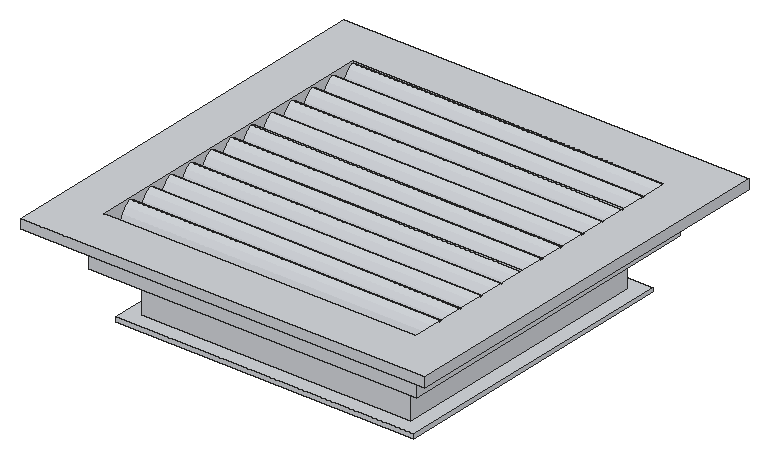
Revit family "R-1", category Air Terminals, host Face, Revit 2025
Family settings
  Host = Face
  Round Connector Dimension = Use Diameter
  Part Type = Normal
  Cut with Voids When Loaded = Yes
  Maintain Annotation Orientation = No
  Shared = No
  Room Calculation Point = No
Parameters (values of type "23RL")
  x = [S - 1 3/4"] - 1"  # 9 1/4"
  URL = "https://www.titus-hvac.com/products/Grilles/23RL"
  Type Comments = ""
  S - 3/4" = ([S - 1 3/4"] - 3/4") / 2  # 4 3/4"
  S = 12"
  Model = "23RL"
  Manufacturer = "TITUS"
  Flow [instance] = 1200 CFM
  D' [instance] = D / 2  # 4"
  S - 1/2" = ([S - 1 3/4"] - 1/2") / 2  # 4 7/8"
  S + 1 3/4" = ([S - 1 3/4"] + 1 3/4") / 2  # 6"
  S - 1 3/4" = S - 1 3/4"  # 10 1/4"
  Default Elevation = 48"
  D [instance] = 8"
  Blade Count = rounddown([S - 1 3/4"] / (3/4")) - 1  # 12
Reference planes (in)
  plane 1 "Center (Front/Back)": y = 0
  plane 2: z = 0
  plane 3 "Center (Left/Right)": x = 0
  plane 4: y = 4.625
  plane 5: y = -4.625
  plane 6: x = 0
  plane 7: y = 0
  plane 8: x = -4.625
  plane 9: x = 4.625
Forms (in)
  Sweep 1, solid, detail levels medium+fine
    path origin (0, 0, 0) x (1, 0, 0) y (0, 1, 0)
      loop
        line (-5.125, 5.125) -> (-5.125, -5.125) -> (5.125, -5.125) -> (5.125, 5.125) -> (-5.125, 5.125)
    profile origin (0, 5.125, 0) x (0, 1, 0) y (0, 0, 1)
      loop
        line (-0.5, 0.125) -> (-0.5, -1.125) -> (-0.375, -1.125) -> (-0.375, 0) -> (0.75, 0) -> (0.75, -0.15671) -> (0.875, -0.15671) -> (0.875, 0.125) -> (-0.5, 0.125)
      loop
        line (-0.33748, -0.875) -> (-0.33748, -1.17973) -> (-1.25, -1.17973) -> (-1.25, -2.75) -> (-0.69819, -2.75) -> (-0.69819, -2.625) -> (-1.125, -2.625) -> (-1.125, -1.30473) -> (-0.25, -1.30473) -> (-0.25, -0.875) -> (-0.33748, -0.875)
  Extrusion 2, void
    sketch origin (0, 0, 0) x (1, 0, 0) y (0, 1, 0)
      loop
        line (-4.625, 4.625) -> (-4.625, -4.625) -> (4.625, -4.625) -> (4.625, 4.625) -> (-4.625, 4.625)
    from -0.875 to 0.37471
Lines and regions (in)
  symbolic lines, not visible
    curve 1: line (-18.4983, 15.79612, 0) -> (19.7517, 15.79612, 0)
    curve 2: line (-18.4983, -20.95388, 0) -> (-18.4983, 15.79612, 0)
    curve 3: line (19.7517, -20.95388, 0) -> (-18.4983, -20.95388, 0)
    curve 4: line (19.7517, 15.79612, 0) -> (19.7517, -20.95388, 0)
Dimensions and locks (in)
  equal spacing: Sweep 1 sketch curve, plane 3 "Center (Left/Right)", Sweep 1 sketch curve
  equal spacing: Sweep 1 sketch curve, plane 1 "Center (Front/Back)", Sweep 1 sketch curve
  "S - 1 3/4"": Sweep 1 sketch curve to Sweep 1 sketch curve  (x2)
  "S - 3/4"": plane 1 "Center (Front/Back)" to Sweep 1 sketch curve
  "S - 1/2"": plane 1 "Center (Front/Back)" to Sweep 1 sketch curve
  "S + 1 3/4"": plane 1 "Center (Front/Back)" to Sweep 1 sketch curve
  Sweep 1 sketch curve to plane 2 = 1 1/8"
  Sweep 1 sketch curve to Sweep 1 sketch curve = 2 7/8"
  "D'": plane 1 "Center (Front/Back)" to Sweep 1 sketch curve
  Sweep 1 sketch curve to Sweep 1 sketch curve = 1/8"  (x5)
  Sweep 1 sketch curve to Sweep 1 sketch curve = 0.28171"
  equal spacing: plane 5, plane 1 "Center (Front/Back)", plane 4
  "x": plane 5 to plane 4
  equal spacing: plane 8, plane 3 "Center (Left/Right)", plane 9
  aligned and locked: plane 2 to host face
  aligned and locked: level to host face
  aligned and locked: nested 1 to plane 4
  aligned and locked: plane 5 to nested 1
  aligned and locked: plane 1 "Center (Front/Back)" to nested 2
  aligned and locked: plane 5 to Extrusion 2
  aligned and locked: plane 4 to Extrusion 2
  aligned and locked: plane 9 to Sweep 1
  aligned and locked: Extrusion 2 to plane 8
  aligned and locked: Extrusion 2 to plane 9
Automatic sketch dimensions
  host sketch curve to host sketch curve = 96"  (x2)
  Extrusion 2 sketch curve to plane 3 "Center (Left/Right)" = 4 5/8"
  plane 3 "Center (Left/Right)" to Extrusion 2 sketch curve = 4 5/8"
  plane 1 "Center (Front/Back)" to Extrusion 2 sketch curve = 4 5/8"
  Extrusion 2 sketch curve to plane 1 "Center (Front/Back)" = 4 5/8"
  Sweep 1 sketch curve to level = 0"
  Sweep 1 sketch curve to Sweep 1 sketch curve = 0.42681"
  Sweep 1 sketch curve to Sweep 1 sketch curve = 0.08748"
  Sweep 1 sketch curve to Sweep 1 sketch curve = 1/8"
  Sweep 1 sketch curve to level = 1.30473"
  Sweep 1 sketch curve to Sweep 1 sketch curve = 1/4"
Nested families (in)
  nested 1: "Blades" at (0, 4.625, -0.88439) x (0, -1, 0) z (0, 0, 1), type "Family2", detail levels medium+fine
    with Width 9 1/4", built-in parameter 1001306 0.77083 (stored number, unit not read), Count 12
  nested 2: "Family4" at (0, 0, 0), type "Family4", detail levels coarse
    with Size 12"
Connectors (in)
  hvac at (0, 0, -2.75), driven by "D", driven by "D", driven by "Flow"
    settings: on Sweep 1, index 1, duct flow 1200 CFM, flow factor 0, pres drop 0.00 in-wg, loss coef 0, conn angle 0.00°, conn width 8", conn height 8", conn diameter 24", duct sys type 2, conn prof type 1, flow config 1, flow direction 1, loss method 4, conn ref index -1, conn util no, is conn primary yes, conn desc ""
Definition of nested family "Blades"
  Parameters (values of type "Family2")
    Width [instance] = 27.05847"
    built-in parameter 1001306 [instance] = Width  # 27.05847"
    Default Elevation = 0"
    Count [instance] = round([built-in parameter 1001306] / (3/4"))  # 36
  Reference planes (in)
    plane 1 "Center (Front/Back)": y = 0
    plane 2: z = 0
    plane 3 "Left": x = 0
    plane 4 "Right": x = 27.05847
    plane 5: x = 27.05847
  Lines and regions (in)
    reference lines
      curve 1: line (0, 0, 0) -> (27.05847, 0, 0)
  Dimensions and locks (in)
    "built-in parameter 1001306": plane 3 "Left" to plane 4 "Right"
    equal spacing: group 1, group 2, group 3, group 4, group 5, group 6, group 7, group 8, group 9, group 10, group 11, group 12, group 13, group 14, group 15, group 16, group 17, group 18, group 19, group 20, group 21, group 22, group 23, group 24, group 25, group 26, group 27, group 28, group 29, group 30, group 31, group 32, group 33, group 34, group 35, group 36  (x3)
    aligned and locked: plane 4 "Right" to curve 1
    aligned and locked: plane 1 "Center (Front/Back)" to curve 1
    aligned and locked: plane 3 "Left" to curve 1
    aligned and locked: level to plane 2
    aligned and locked: plane 5 to plane 4 "Right"
  Nested families (in)
    nested 1: "Family3" at (0, 0, 0) x (0, 1, 0) z (0, 0, 1), type "Family3"
      with Width 27.05847"
    nested 2: "Family3" at (0.75, 0, 0) x (0, 1, 0) z (0, 0, 1), type "Family3"
      with Width 27.05847"
    nested 3: "Family3" at (1.5, 0, 0) x (0, 1, 0) z (0, 0, 1), type "Family3"
      with Width 27.05847"
    nested 4: "Family3" at (2.25, 0, 0) x (0, 1, 0) z (0, 0, 1), type "Family3"
      with Width 27.05847"
    nested 5: "Family3" at (3, 0, 0) x (0, 1, 0) z (0, 0, 1), type "Family3"
      with Width 27.05847"
    nested 6: "Family3" at (3.75, 0, 0) x (0, 1, 0) z (0, 0, 1), type "Family3"
      with Width 27.05847"
    nested 7: "Family3" at (4.5, 0, 0) x (0, 1, 0) z (0, 0, 1), type "Family3"
      with Width 27.05847"
    nested 8: "Family3" at (5.25, 0, 0) x (0, 1, 0) z (0, 0, 1), type "Family3"
      with Width 27.05847"
    nested 9: "Family3" at (6, 0, 0) x (0, 1, 0) z (0, 0, 1), type "Family3"
      with Width 27.05847"
    nested 10: "Family3" at (6.75, 0, 0) x (0, 1, 0) z (0, 0, 1), type "Family3"
      with Width 27.05847"
    nested 11: "Family3" at (7.5, 0, 0) x (0, 1, 0) z (0, 0, 1), type "Family3"
      with Width 27.05847"
    nested 12: "Family3" at (8.25, 0, 0) x (0, 1, 0) z (0, 0, 1), type "Family3"
      with Width 27.05847"
    nested 13: "Family3" at (9, 0, 0) x (0, 1, 0) z (0, 0, 1), type "Family3"
      with Width 27.05847"
    nested 14: "Family3" at (9.75, 0, 0) x (0, 1, 0) z (0, 0, 1), type "Family3"
      with Width 27.05847"
    nested 15: "Family3" at (10.5, 0, 0) x (0, 1, 0) z (0, 0, 1), type "Family3"
      with Width 27.05847"
    nested 16: "Family3" at (11.25, 0, 0) x (0, 1, 0) z (0, 0, 1), type "Family3"
      with Width 27.05847"
    nested 17: "Family3" at (12, 0, 0) x (0, 1, 0) z (0, 0, 1), type "Family3"
      with Width 27.05847"
    nested 18: "Family3" at (12.75, 0, 0) x (0, 1, 0) z (0, 0, 1), type "Family3"
      with Width 27.05847"
    nested 19: "Family3" at (13.5, 0, 0) x (0, 1, 0) z (0, 0, 1), type "Family3"
      with Width 27.05847"
    nested 20: "Family3" at (14.25, 0, 0) x (0, 1, 0) z (0, 0, 1), type "Family3"
      with Width 27.05847"
    nested 21: "Family3" at (15, 0, 0) x (0, 1, 0) z (0, 0, 1), type "Family3"
      with Width 27.05847"
    nested 22: "Family3" at (15.75, 0, 0) x (0, 1, 0) z (0, 0, 1), type "Family3"
      with Width 27.05847"
    nested 23: "Family3" at (16.5, 0, 0) x (0, 1, 0) z (0, 0, 1), type "Family3"
      with Width 27.05847"
    nested 24: "Family3" at (17.25, 0, 0) x (0, 1, 0) z (0, 0, 1), type "Family3"
      with Width 27.05847"
    nested 25: "Family3" at (18, 0, 0) x (0, 1, 0) z (0, 0, 1), type "Family3"
      with Width 27.05847"
    nested 26: "Family3" at (18.75, 0, 0) x (0, 1, 0) z (0, 0, 1), type "Family3"
      with Width 27.05847"
    nested 27: "Family3" at (19.5, 0, 0) x (0, 1, 0) z (0, 0, 1), type "Family3"
      with Width 27.05847"
    nested 28: "Family3" at (20.25, 0, 0) x (0, 1, 0) z (0, 0, 1), type "Family3"
      with Width 27.05847"
    nested 29: "Family3" at (21, 0, 0) x (0, 1, 0) z (0, 0, 1), type "Family3"
      with Width 27.05847"
    nested 30: "Family3" at (21.75, 0, 0) x (0, 1, 0) z (0, 0, 1), type "Family3"
      with Width 27.05847"
    nested 31: "Family3" at (22.5, 0, 0) x (0, 1, 0) z (0, 0, 1), type "Family3"
      with Width 27.05847"
    nested 32: "Family3" at (23.25, 0, 0) x (0, 1, 0) z (0, 0, 1), type "Family3"
      with Width 27.05847"
    nested 33: "Family3" at (24, 0, 0) x (0, 1, 0) z (0, 0, 1), type "Family3"
      with Width 27.05847"
    nested 34: "Family3" at (24.75, 0, 0) x (0, 1, 0) z (0, 0, 1), type "Family3"
      with Width 27.05847"
    nested 35: "Family3" at (25.5, 0, 0) x (0, 1, 0) z (0, 0, 1), type "Family3"
      with Width 27.05847"
    nested 36: "Family3" at (26.25, 0, 0) x (0, 1, 0) z (0, 0, 1), type "Family3"
      with Width 27.05847"
  Definition of nested family "Family3"
    Parameters
      Width = 51.16047"
      Default Elevation = 0"
    Reference planes (in)
      plane 1 "Center (Front/Back)": y = 0
      plane 2: z = 0
      plane 3 "Center (Left/Right)": x = 0
      plane 4: x = -25.58024
      plane 5: x = 25.58024
      plane 6: y = 0.48061
      plane 7: y = 0
    Forms (in)
      Extrusion 1, solid
        sketch origin (0, 0, 0) x (0, 1, 0) y (0, 0, 1)
          loop
            spline (0, 0.97814) -> (0.06956, 0.94089) -> (0.13307, 0.8956) -> (0.19053, 0.84226) -> (0.24194, 0.78087) -> (0.28731, 0.71143) -> (0.32662, 0.63394) -> (0.35989, 0.54841) -> (0.38711, 0.45482) -> (0.40828, 0.35319) -> (0.4234, 0.24351) -> (0.43247, 0.12578) -> (0.4355, 0)
            line (0.4355, 0) -> (0.48061, 0)
            spline (0.48061, 0) -> (0.47971, 0.1242) -> (0.47254, 0.24097) -> (0.4591, 0.35031) -> (0.4394, 0.45221) -> (0.41343, 0.54669) -> (0.38119, 0.63374) -> (0.34268, 0.71336) -> (0.29791, 0.78555) -> (0.24686, 0.85031) -> (0.18956, 0.90763) -> (0.12598, 0.95753) -> (0.05613, 1)
            line (0.05613, 1) -> (0, 0.97814)
        from -25.58024 to 25.58024
    Dimensions and locks (in)
      equal spacing: plane 4, plane 3 "Center (Left/Right)", plane 5
      "Width": plane 4 to plane 5
      aligned and locked: plane 2 to level
      aligned and locked: Extrusion 1 to plane 4
      aligned and locked: Extrusion 1 to plane 5
      aligned and locked: plane 6 to Extrusion 1
    Automatic sketch dimensions
      Extrusion 1 sketch curve to plane 1 "Center (Front/Back)" = 0"
      Extrusion 1 sketch curve to level = 0"
      Extrusion 1 sketch curve to plane 1 "Center (Front/Back)" = 0.05613"
      Extrusion 1 sketch curve to plane 1 "Center (Front/Back)" = 0.4355"
      Extrusion 1 sketch curve to Extrusion 1 sketch curve = 0.04511"
      level to Extrusion 1 sketch curve = 0.97814"
      Extrusion 1 sketch curve to Extrusion 1 sketch curve = 0.02186"
Definition of nested family "Family4"
  Parameters
    Size = 24"
    Default Elevation = 0"
  Reference planes (in)
    plane 1 "Center (Front/Back)": y = 0
    plane 2: z = 0
    plane 3 "Center (Left/Right)": x = 0
  Lines and regions (in)
    symbolic lines
      curve 1: line (-12, 12, 0) -> (12, 12, 0)
      curve 2: line (-12, -12, 0) -> (-12, 12, 0)
      curve 3: line (12, -12, 0) -> (-12, -12, 0)
      curve 4: line (12, 12, 0) -> (12, -12, 0)
      curve 5: line (-12, 12, 0) -> (12, -12, 0)
  Dimensions and locks (in)
    equal spacing: curve 2, plane 3 "Center (Left/Right)", curve 4
    equal spacing: curve 3, plane 1 "Center (Front/Back)", curve 1
    "Size": curve 3 to curve 1
    "Size": curve 2 to curve 4
    aligned and locked: plane 2 to level
